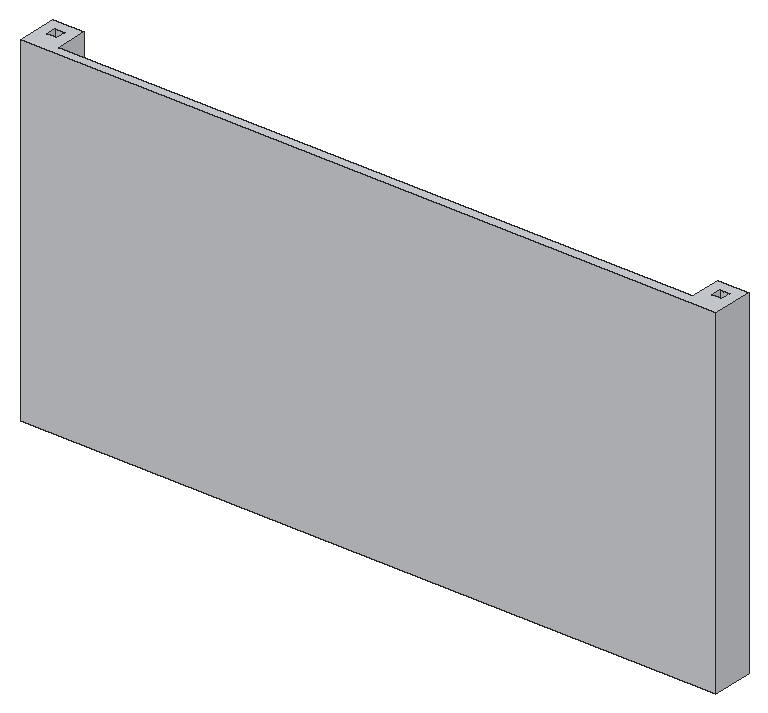
Revit family "KLS - wall_furniture", category Generic Models, host Face, Revit 2014
Parameters (values of type "wooden wall_204cm")
  width = 1000 mm
  wall thickness = 30 mm
  thickness around hole = 30 mm
  material = none
  hole = 30 mm
  height = 2040 mm
  Default Elevation = 1219.2 mm
Types (6, lengths in mm): name | height
  (no name) | 2040
  wooden wall_114cm | 1140
  wooden wall_144cm | 1440
  wooden wall_174cm | 1740
  wooden wall_204cm | 2040
  wooden wall_234cm | 2340
Reference planes
  plane 1 "Center (Front/Back)": y = 0
  plane 2: z = 0
  plane 3 "Center (Left/Right)": x = 0
  plane 4: y = -30
  plane 5: y = -90
  plane 6: x = -30
  plane 7: x = 30
  plane 8: x = 60
  plane 9: y = 30
  plane 10: x = -1980
  plane 11: x = -1950
  plane 12: x = -1920
  plane 13: x = -1890
  plane 14: z = 1000
  plane 15: y = -60
Forms (mm)
  Extrusion 1, solid, material <- "material"
    sketch origin (0, 0, 0) x (1, 0, 0) y (0, 1, 0)
      loop
        line (-1980, -90) -> (60, -90) -> (60, 30) -> (-30, 30) -> (-30, -60) -> (-1890, -60) -> (-1890, 30) -> (-1980, 30) -> (-1980, -90)
      loop
        line (-1920, 0) -> (-1950, 0) -> (-1950, -30) -> (-1920, -30) -> (-1920, 0)
      loop
        line (0, 0) -> (0, -30) -> (30, -30) -> (30, 0) -> (0, 0)
    from 0 to 1000
Dimensions and locks
  "width": plane 14 to level
  "height": plane 10 to plane 8
  "hole": plane 11 to plane 12
  "hole": plane 4 to plane 1 "Center (Front/Back)"
  "hole": plane 3 "Center (Left/Right)" to plane 7
  "thickness around hole": plane 9 to plane 1 "Center (Front/Back)"
  "thickness around hole": plane 7 to plane 8
  "thickness around hole": plane 6 to plane 3 "Center (Left/Right)"
  "thickness around hole": plane 4 to plane 15
  "thickness around hole": plane 10 to plane 11
  "thickness around hole": plane 12 to plane 13
  "wall thickness": plane 15 to plane 5
  aligned and locked: plane 2 to host face
  aligned and locked: level to host face
  aligned and locked: plane 1 "Center (Front/Back)" to Extrusion 1 sketch curve  (x2)
  aligned and locked: plane 12 to Extrusion 1 sketch curve
  aligned and locked: Extrusion 1 sketch curve to plane 4
  aligned and locked: Extrusion 1 sketch curve to plane 11
  aligned and locked: plane 3 "Center (Left/Right)" to Extrusion 1 sketch curve
  aligned and locked: plane 4 to Extrusion 1 sketch curve
  aligned and locked: plane 7 to Extrusion 1 sketch curve
  aligned and locked: plane 9 to Extrusion 1 sketch curve  (x2)
  aligned and locked: plane 13 to Extrusion 1 sketch curve
  aligned and locked: plane 10 to Extrusion 1 sketch curve
  aligned and locked: Extrusion 1 sketch curve to plane 5
  aligned and locked: Extrusion 1 sketch curve to plane 6
  aligned and locked: Extrusion 1 sketch curve to plane 8
  aligned and locked: plane 14 to Extrusion 1
  aligned and locked: plane 15 to Extrusion 1
Automatic sketch dimensions
  host sketch curve to host sketch curve = 2438.4 mm  (x2)
  Extrusion 1 sketch curve to plane 4 = 30 mm
